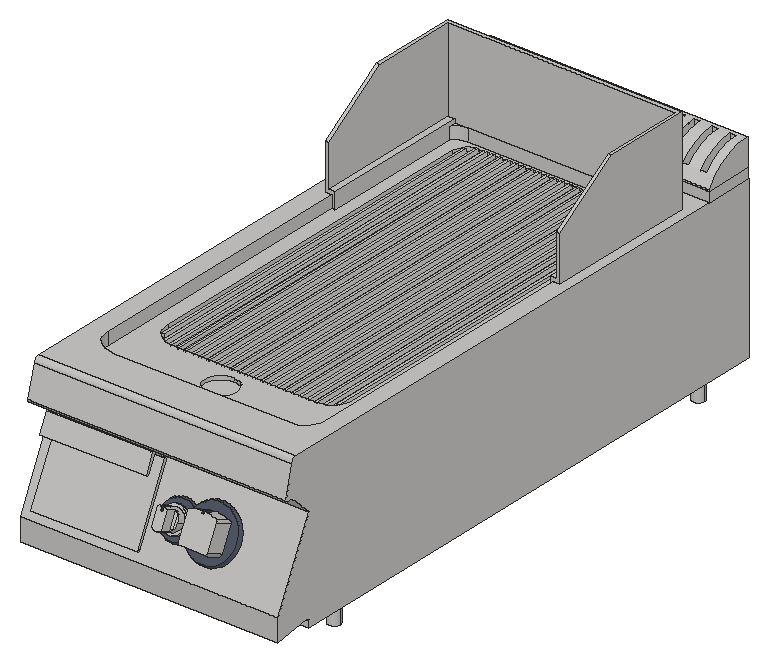
Revit family "QF_ZANUSSI_392402_Z9IINAAOMCA", category Specialty Equipment, Revit 2018 (continued)
Automatic sketch dimensions
  plane 12 to curve 79 = 25.4 mm
  curve 60 to curve 63 = 9.296 mm
  plane 12 to curve 81 = 30.736 mm
  plane 1 "BACK" to curve 56 = 6.761 mm
  curve 62 to curve 56 = 14.586 mm
  curve 56 to curve 58 = 9.296 mm
  plane 1 "BACK" to curve 52 = 6.761 mm
  curve 58 to curve 52 = 18.668 mm
  curve 52 to curve 54 = 9.296 mm
  plane 1 "BACK" to curve 48 = 6.761 mm
  curve 54 to curve 48 = 18.693 mm
  curve 48 to curve 49 = 9.296 mm
  curve 49 to curve 45 = 18.693 mm
  curve 44 to curve 45 = 9.296 mm
  curve 40 to plane 7 "Center Y" = 9.346 mm
  curve 40 to curve 41 = 9.296 mm
  curve 14 to plane 13 = 0.179 mm
  curve 14 to plane 7 "Center Y" = 20 mm
  curve 41 to curve 36 = 18.693 mm
  curve 36 to curve 37 = 9.296 mm
  plane 1 "BACK" to curve 35 = 6.761 mm
  curve 38 to curve 35 = 18.693 mm
  curve 32 to curve 34 = 9.296 mm
  curve 33 to curve 28 = 18.693 mm
  curve 28 to curve 29 = 9.296 mm
  plane 3 "LEFT" to curve 82 = 92.523 mm
  plane 3 "LEFT" to curve 77 = 80.4 mm
  plane 1 "BACK" to curve 27 = 6.761 mm
  curve 30 to curve 27 = 18.668 mm
  curve 24 to curve 27 = 9.296 mm
  plane 3 "LEFT" to curve 11 = 67.523 mm
  curve 77 to curve 91 = 25 mm
  curve 91 to curve 84 = 0.4 mm
  plane 1 "BACK" to curve 20 = 6.761 mm
  curve 26 to curve 20 = 18.693 mm
  curve 20 to curve 23 = 9.296 mm
  plane 3 "LEFT" to curve 87 = 35 mm
  curve 7 to plane 10 = 8.638 mm
  curve 21 to curve 16 = 18.693 mm
  curve 7 to curve 75 = 10 mm
  curve 16 to curve 19 = 9.296 mm
  plane 3 "LEFT" to curve 12 = 15 mm
  curve 1 to plane 3 "LEFT" = 100.019 mm
  curve 1 to plane 1 "BACK" = 100.019 mm
  plane 1 "BACK" to curve 67 = 6.761 mm
  plane 1 "BACK" to curve 63 = 6.761 mm
  plane 1 "BACK" to curve 47 = 6.761 mm
  plane 1 "BACK" to curve 16 = 6.761 mm
  plane 1 "BACK" to curve 43 = 6.761 mm
  plane 1 "BACK" to curve 39 = 6.761 mm
  plane 1 "BACK" to curve 28 = 6.761 mm
  curve 29 to plane 11 = 19.089 mm
  curve 32 to plane 11 = 19.089 mm
  curve 26 to plane 11 = 19.089 mm
  curve 36 to plane 11 = 19.089 mm
  curve 22 to plane 11 = 19.089 mm
  curve 40 to plane 11 = 19.089 mm
  curve 18 to plane 11 = 19.089 mm
  curve 44 to plane 11 = 19.089 mm
  curve 60 to plane 11 = 19.089 mm
  curve 48 to plane 11 = 19.089 mm
  curve 64 to plane 11 = 19.089 mm
  curve 52 to plane 11 = 19.089 mm
  curve 68 to plane 11 = 19.089 mm
  curve 56 to curve 61 = 0 mm
  plane 11 to curve 72 = 27 mm
  curve 72 to curve 87 = 5 mm
  curve 90 to curve 78 = 5.362 mm
  curve 91 to curve 77 = 5.362 mm
  curve 90 to curve 79 = 5.362 mm
  curve 84 to plane 15 = 31.362 mm
  curve 93 to plane 10 = 16 mm
  plane 12 to curve 148 = 8.48 mm
  curve 147 to curve 81 = 10.256 mm
  curve 78 to curve 146 = 7.08 mm
  curve 146 to curve 145 = 12 mm
  plane 12 to curve 121 = 48.581 mm
  curve 145 to curve 144 = 12 mm
  curve 144 to curve 143 = 12 mm
  curve 143 to curve 142 = 12 mm
  curve 142 to curve 141 = 12 mm
  curve 121 to curve 123 = 46 mm
  curve 141 to curve 140 = 12 mm
  curve 140 to curve 139 = 12 mm
  curve 123 to curve 123 = 24.003 mm
  curve 139 to curve 138 = 12 mm
  plane 7 "Center Y" to curve 124 = 13.421 mm
  plane 7 "Center Y" to curve 137 = 7.52 mm
  curve 136 to plane 7 "Center Y" = 4.48 mm
  curve 136 to curve 135 = 12 mm
  curve 150 to curve 14 = 0 mm
  curve 135 to curve 134 = 12 mm
  curve 134 to curve 133 = 12 mm
  curve 133 to curve 132 = 12 mm
  curve 132 to curve 131 = 12 mm
  curve 131 to curve 130 = 12 mm
  curve 130 to curve 129 = 12 mm
  curve 128 to curve 83 = 6.997 mm
  curve 127 to curve 77 = 7.12 mm
  curve 127 to curve 126 = 12 mm
  curve 126 to curve 125 = 12 mm
  curve 88 to curve 72 = 5 mm
  curve 149 to curve 12 = 0 mm
  curve 4 to plane 11 = 7.988 mm
  curve 72 to curve 88 = 5 mm
  curve 125 to curve 126 = 9.646 mm
  curve 136 to curve 92 = 15.115 mm
  curve 122 to curve 5 = 15 mm
  plane 5 "FRONT" to curve 3 = 15 mm
  plane 5 "FRONT" to curve 1 = 15 mm
  Extrusion 2 sketch curve to plane 5 "FRONT" = 0 mm
  Extrusion 2 sketch curve to plane 14 = 0 mm
  Extrusion 2 sketch curve to plane 9 "BASE" = 0 mm
  Extrusion 2 sketch curve to plane 17 "panel" = 0 mm  (x2)
  Extrusion 2 sketch curve to plane 1 "BACK" = 0 mm
  Extrusion 2 sketch curve to plane 5 "FRONT" = 15.116 mm
  Extrusion 2 sketch curve to Extrusion 2 sketch curve = 2.884 mm
  Extrusion 2 sketch curve to plane 14 = 7.474 mm
  Extrusion 2 sketch curve to plane 5 "FRONT" = 28.167 mm
  Extrusion 2 sketch curve to Extrusion 2 sketch curve = 10.198 mm
  plane 9 "BASE" to Extrusion 2 sketch curve = 13.428 mm
  Extrusion 2 sketch curve to plane 5 "FRONT" = 56.355 mm
  Extrusion 2 sketch curve to Extrusion 2 sketch curve = 0.445 mm
  Extrusion 2 sketch curve to Extrusion 2 sketch curve = 3.2 mm
  Extrusion 2 sketch curve to Extrusion 2 sketch curve = 31.82 mm  (x2)
  plane 9 "BASE" to Extrusion 2 sketch curve = 5.508 mm
  Extrusion 2 sketch curve to Extrusion 2 sketch curve = 3 mm
  Extrusion 6 sketch curve to Extrusion 2 = 0 mm  (x2)
  Extrusion 2 to Extrusion 6 sketch curve = 15 mm
  Extrusion 6 sketch curve to Extrusion 6 sketch curve = 75.012 mm
  radius of Extrusion 4 sketch curve = 9.525 mm  (x4)
  radius of Extrusion 5 sketch curve = 6.4 mm
  radius of Extrusion 22 sketch curve = 25 mm
  radius of Extrusion 28 sketch curve = 20 mm
  radius of Split face 1 sketch curve = 1 mm
  radius of Split face 2 sketch curve = 1 mm
  radius of Split face 3 sketch curve = 1 mm
  radius of Split face 4 sketch curve = 1 mm
  radius of Split face 5 sketch curve = 1 mm
  radius of Split face 6 sketch curve = 1 mm
  radius of Split face 7 sketch curve = 1 mm
  radius of Split face 8 sketch curve = 1 mm
  radius of Split face 9 sketch curve = 1 mm
  radius of Split face 10 sketch curve = 1 mm
  radius of Split face 11 sketch curve = 1 mm
  radius of Split face 12 sketch curve = 1 mm
  radius of Split face 13 sketch curve = 1 mm
  radius of Split face 14 sketch curve = 1 mm
  radius of Split face 15 sketch curve = 1 mm
  radius of Split face 16 sketch curve = 1 mm
  radius of Split face 17 sketch curve = 1 mm
  radius of Split face 18 sketch curve = 1 mm
  radius of Split face 19 sketch curve = 1 mm
  radius of Split face 20 sketch curve = 1 mm
  radius of Split face 21 sketch curve = 1 mm
  radius of Split face 22 sketch curve = 1 mm
  radius of Split face 23 sketch curve = 1 mm
  radius of Split face 24 sketch curve = 1.508 mm
  radius of Split face 25 sketch curve = 1.343 mm
  radius of Extrusion 30 sketch curve = 16 mm
  radius of Split face 28 sketch curve = 1 mm
Connectors
  piping at (348.05, -666, 6), diameter 12.8
    settings: on Extrusion 5, index 1, connector inside diameter 0.50394", connector length 0 mm, flow factor 0, pipe flow 0 GPM, pressure drop 0.00 psi, fitting loss kfactor 0, connector angle 0.00°, fixture units 0, engagement length 0 mm, angle of deflection 0.00°, flow configuration 1, flow direction 1, fitting loss method 0, system type 7, joint type 0, gender type 0, connector reference index -1, connector utility 0, adjustable connector no, is connector primary yes, connector description "GAS CONNECTION"
